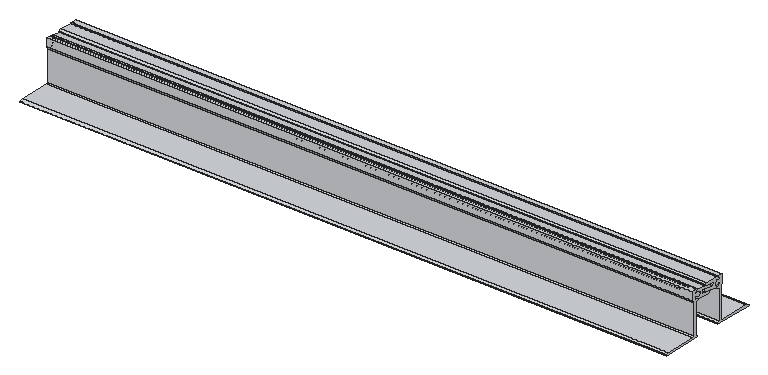
Revit family "NOVOJUNTA PRO METAL 50 2500 mm", category Generic Models, Revit 2015
Parameters (values of type "NJPM50AL80NA25")
  Product data url = "https://www.bimobject.com/emac/product/njpm50al"
  Product Material = Finish_Emac_Aluminum-Off-Natural-11
  Product Guid = "64f62603-b034-4222-a610-59a30b08d219"
  Model = "NOVOJUNTA PRO METAL 50"
  Manufacturer = "EMAC"
  built-in parameter 1001306 [instance] = 1200 mm
  Edition number = 1
  80mm = yes
  50mm = no
  35mm = no
  22mm = no
Types (5, lengths in mm): name | 80mm | 50mm | 35mm | 22mm
  (no name) | yes | no | no | no
  NJPM50AL22NA25 | no | no | no | yes
  NJPM50AL35NA25 | no | no | yes | no
  NJPM50AL50NA25 | no | yes | no | no
  NJPM50AL80NA25 | yes | no | no | no
Reference planes
  plane 1 "Center (Front/Back)": y = 0
  plane 2: z = 0
  plane 3 "Left": x = 0
  plane 4 "Right": x = 1200
Forms (mm)
  Sweep 1, solid, visible <- "35mm"
    path origin (0, 0, 0) x (1, 0, 0) y (0, 1, 0)
      loop
        line (0, 0) -> (1200, 0)
    profile origin (600, 0, 0) x (0, 1, 0) y (0, 0, 1)
      loop
        line (128, 3) -> (126, 5) -> (126, 15.5) -> (129.3, 20) -> (129.3, 35) -> (118.776, 35)
        arc (118.776, 35) -> (118.28, 34.565) -> (118.647, 34.017) r 0.5
        arc (118.647, 34.017) -> (122.594, 31.706) -> (124.8, 27.7) r 8.608
        line (124.8, 27.7) -> (119.3, 27.7)
        arc (119.3, 27.7) -> (112.928, 25.7) -> (119.3, 23.7) r 3.5
        line (119.3, 23.7) -> (124.8, 23.7)
        arc (124.8, 23.7) -> (122.138, 19.259) -> (117.409, 17.148) r 8.608
        arc (117.409, 17.148) -> (116.712, 16.619) -> (116.842, 15.753) r 0.858
        line (116.842, 15.753) -> (121.385, 14.364)
        arc (121.385, 14.364) -> (122.408, 13.641) -> (122.8, 12.452) r 2
        line (122.8, 12.452) -> (122.8, 3.8) -> (120, 2.1) -> (120, 0) -> (190, 0) -> (190, 0.841) -> (185.2, 3) -> (128, 3)
      loop
        line (62, 3) -> (4.8, 3) -> (0, 0.841) -> (0, 0) -> (70, 0) -> (70, 2.1) -> (67.2, 3.8) -> (67.2, 12.452)
        arc (67.2, 12.452) -> (67.592, 13.641) -> (68.615, 14.364) r 2
        line (68.615, 14.364) -> (73.158, 15.753)
        arc (73.158, 15.753) -> (73.288, 16.619) -> (72.591, 17.148) r 0.858
        arc (72.591, 17.148) -> (67.862, 19.259) -> (65.2, 23.7) r 8.608
        line (65.2, 23.7) -> (70.7, 23.7)
        arc (70.7, 23.7) -> (77.072, 25.7) -> (70.7, 27.7) r 3.5
        line (70.7, 27.7) -> (65.2, 27.7)
        arc (65.2, 27.7) -> (67.406, 31.706) -> (71.353, 34.017) r 8.608
        arc (71.353, 34.017) -> (71.72, 34.565) -> (71.224, 35) r 0.5
        line (71.224, 35) -> (60.7, 35) -> (60.7, 20) -> (64, 15.5) -> (64, 5) -> (62, 3)
      loop
        line (116.693, 34.104) -> (94.704, 34.798)
        arc (94.704, 34.798) -> (92.26, 34.248) -> (90.39, 32.58) r 5
        arc (90.39, 32.58) -> (90.348, 32.1) -> (90.731, 31.808) r 0.5
        line (90.731, 31.808) -> (109.044, 29.035) -> (108.22, 23.597) -> (90.72, 26.247)
        arc (90.72, 26.247) -> (90.348, 26.155) -> (90.151, 25.827) r 0.5
        line (90.151, 25.827) -> (89.537, 21.774)
        arc (89.537, 21.774) -> (89.629, 21.402) -> (89.956, 21.204) r 0.5
        line (89.956, 21.204) -> (115.169, 17.387)
        arc (115.169, 17.387) -> (119.975, 18.077) -> (123.599, 21.31) r 8.408
        line (123.599, 21.31) -> (118.749, 22.819)
        arc (118.749, 22.819) -> (112.728, 25.654) -> (118.676, 28.638) r 3.7
        line (118.676, 28.638) -> (123.486, 30.268)
        arc (123.486, 30.268) -> (120.561, 33.021) -> (116.693, 34.104) r 8.408
      loop
        arc (74.831, 34.013) -> (70.025, 33.323) -> (66.401, 30.09) r 8.408
        line (66.401, 30.09) -> (71.251, 28.581)
        arc (71.251, 28.581) -> (77.272, 25.746) -> (71.324, 22.762) r 3.7
        line (71.324, 22.762) -> (66.514, 21.132)
        arc (66.514, 21.132) -> (69.439, 18.379) -> (73.307, 17.296) r 8.408
        line (73.307, 17.296) -> (95.296, 16.602)
        arc (95.296, 16.602) -> (97.74, 17.152) -> (99.61, 18.82) r 5
        arc (99.61, 18.82) -> (99.652, 19.3) -> (99.269, 19.592) r 0.5
        line (99.269, 19.592) -> (80.956, 22.365) -> (81.78, 27.803) -> (99.28, 25.153)
        arc (99.28, 25.153) -> (99.652, 25.245) -> (99.849, 25.573) r 0.5
        line (99.849, 25.573) -> (100.463, 29.626)
        arc (100.463, 29.626) -> (100.371, 29.998) -> (100.044, 30.196) r 0.5
        line (100.044, 30.196) -> (74.831, 34.013)
  Sweep 2, solid, visible <- "50mm"
    path origin (0, 0, 0) x (1, 0, 0) y (0, 1, 0)
      loop
        line (0, 0) -> (1200, 0)
    profile origin (600, 0, 0) x (0, 1, 0) y (0, 0, 1)
      loop
        line (128, 3) -> (126, 5) -> (126, 30.5) -> (129.3, 35) -> (129.3, 50) -> (118.776, 50)
        arc (118.776, 50) -> (118.28, 49.565) -> (118.647, 49.017) r 0.5
        arc (118.647, 49.017) -> (122.594, 46.706) -> (124.8, 42.7) r 8.608
        line (124.8, 42.7) -> (119.3, 42.7)
        arc (119.3, 42.7) -> (112.928, 40.7) -> (119.3, 38.7) r 3.5
        line (119.3, 38.7) -> (124.8, 38.7)
        arc (124.8, 38.7) -> (122.138, 34.259) -> (117.409, 32.148) r 8.608
        arc (117.409, 32.148) -> (116.712, 31.619) -> (116.842, 30.753) r 0.858
        line (116.842, 30.753) -> (121.385, 29.364)
        arc (121.385, 29.364) -> (122.408, 28.641) -> (122.8, 27.452) r 2
        line (122.8, 27.452) -> (122.8, 3.8) -> (120, 2.1) -> (120, 0) -> (190, 0) -> (190, 0.841) -> (185.2, 3) -> (128, 3)
      loop
        line (62, 3) -> (4.8, 3) -> (0, 0.841) -> (0, 0) -> (70, 0) -> (70, 2.1) -> (67.2, 3.8) -> (67.2, 27.452)
        arc (67.2, 27.452) -> (67.592, 28.641) -> (68.615, 29.364) r 2
        line (68.615, 29.364) -> (73.158, 30.753)
        arc (73.158, 30.753) -> (73.288, 31.619) -> (72.591, 32.148) r 0.858
        arc (72.591, 32.148) -> (67.862, 34.259) -> (65.2, 38.7) r 8.608
        line (65.2, 38.7) -> (70.7, 38.7)
        arc (70.7, 38.7) -> (77.072, 40.7) -> (70.7, 42.7) r 3.5
        line (70.7, 42.7) -> (65.2, 42.7)
        arc (65.2, 42.7) -> (67.406, 46.706) -> (71.353, 49.017) r 8.608
        arc (71.353, 49.017) -> (71.72, 49.565) -> (71.224, 50) r 0.5
        line (71.224, 50) -> (60.7, 50) -> (60.7, 35) -> (64, 30.5) -> (64, 5) -> (62, 3)
      loop
        line (116.689, 49.082) -> (94.7, 49.777)
        arc (94.7, 49.777) -> (92.256, 49.226) -> (90.386, 47.559) r 5
        arc (90.386, 47.559) -> (90.344, 47.079) -> (90.727, 46.786) r 0.5
        line (90.727, 46.786) -> (109.04, 44.013) -> (108.216, 38.575) -> (90.716, 41.225)
        arc (90.716, 41.225) -> (90.344, 41.133) -> (90.147, 40.806) r 0.5
        line (90.147, 40.806) -> (89.533, 36.752)
        arc (89.533, 36.752) -> (89.625, 36.38) -> (89.952, 36.183) r 0.5
        line (89.952, 36.183) -> (115.165, 32.365)
        arc (115.165, 32.365) -> (119.972, 33.056) -> (123.595, 36.289) r 8.408
        line (123.595, 36.289) -> (118.745, 37.797)
        arc (118.745, 37.797) -> (112.724, 40.632) -> (118.672, 43.617) r 3.7
        line (118.672, 43.617) -> (123.482, 45.247)
        arc (123.482, 45.247) -> (120.558, 48) -> (116.689, 49.082) r 8.408
      loop
        arc (74.827, 48.991) -> (70.021, 48.301) -> (66.397, 45.068) r 8.408
        line (66.397, 45.068) -> (71.247, 43.559)
        arc (71.247, 43.559) -> (77.268, 40.725) -> (71.32, 37.74) r 3.7
        line (71.32, 37.74) -> (66.51, 36.11)
        arc (66.51, 36.11) -> (69.435, 33.357) -> (73.303, 32.275) r 8.408
        line (73.303, 32.275) -> (95.292, 31.58)
        arc (95.292, 31.58) -> (97.736, 32.131) -> (99.606, 33.798) r 5
        arc (99.606, 33.798) -> (99.648, 34.278) -> (99.265, 34.57) r 0.5
        line (99.265, 34.57) -> (80.952, 37.343) -> (81.776, 42.781) -> (99.276, 40.131)
        arc (99.276, 40.131) -> (99.648, 40.223) -> (99.845, 40.551) r 0.5
        line (99.845, 40.551) -> (100.459, 44.605)
        arc (100.459, 44.605) -> (100.367, 44.976) -> (100.04, 45.174) r 0.5
        line (100.04, 45.174) -> (74.827, 48.991)
  Sweep 3, solid, visible <- "80mm"
    path origin (0, 0, 0) x (1, 0, 0) y (0, 1, 0)
      loop
        line (0, 0) -> (1200, 0)
    profile origin (600, 0, 0) x (0, 1, 0) y (0, 0, 1)
      loop
        line (128, 3) -> (126, 5) -> (126, 60.5) -> (129.3, 65) -> (129.3, 80) -> (118.776, 80)
        arc (118.776, 80) -> (118.28, 79.565) -> (118.647, 79.017) r 0.5
        arc (118.647, 79.017) -> (122.594, 76.706) -> (124.8, 72.7) r 8.608
        line (124.8, 72.7) -> (119.3, 72.7)
        arc (119.3, 72.7) -> (112.928, 70.7) -> (119.3, 68.7) r 3.5
        line (119.3, 68.7) -> (124.8, 68.7)
        arc (124.8, 68.7) -> (122.138, 64.259) -> (117.409, 62.148) r 8.608
        arc (117.409, 62.148) -> (116.712, 61.619) -> (116.842, 60.753) r 0.858
        line (116.842, 60.753) -> (121.385, 59.364)
        arc (121.385, 59.364) -> (122.408, 58.641) -> (122.8, 57.452) r 2
        line (122.8, 57.452) -> (122.8, 3.8) -> (120, 2.1) -> (120, 0) -> (190, 0) -> (190, 0.841) -> (185.2, 3) -> (128, 3)
      loop
        line (62, 3) -> (4.8, 3) -> (0, 0.841) -> (0, 0) -> (70, 0) -> (70, 2.1) -> (67.2, 3.8) -> (67.2, 57.452)
        arc (67.2, 57.452) -> (67.592, 58.641) -> (68.615, 59.364) r 2
        line (68.615, 59.364) -> (73.158, 60.753)
        arc (73.158, 60.753) -> (73.288, 61.619) -> (72.591, 62.148) r 0.858
        arc (72.591, 62.148) -> (67.862, 64.259) -> (65.2, 68.7) r 8.608
        line (65.2, 68.7) -> (70.7, 68.7)
        arc (70.7, 68.7) -> (77.072, 70.7) -> (70.7, 72.7) r 3.5
        line (70.7, 72.7) -> (65.2, 72.7)
        arc (65.2, 72.7) -> (67.406, 76.706) -> (71.353, 79.017) r 8.608
        arc (71.353, 79.017) -> (71.72, 79.565) -> (71.224, 80) r 0.5
        line (71.224, 80) -> (60.7, 80) -> (60.7, 65) -> (64, 60.5) -> (64, 5) -> (62, 3)
      loop
        line (116.689, 79.111) -> (94.7, 79.806)
        arc (94.7, 79.806) -> (92.256, 79.255) -> (90.386, 77.588) r 5
        arc (90.386, 77.588) -> (90.344, 77.108) -> (90.727, 76.816) r 0.5
        line (90.727, 76.816) -> (109.04, 74.043) -> (108.216, 68.605) -> (90.716, 71.254)
        arc (90.716, 71.254) -> (90.344, 71.163) -> (90.147, 70.835) r 0.5
        line (90.147, 70.835) -> (89.533, 66.781)
        arc (89.533, 66.781) -> (89.625, 66.41) -> (89.952, 66.212) r 0.5
        line (89.952, 66.212) -> (115.165, 62.394)
        arc (115.165, 62.394) -> (119.972, 63.085) -> (123.595, 66.318) r 8.408
        line (123.595, 66.318) -> (118.745, 67.826)
        arc (118.745, 67.826) -> (112.724, 70.661) -> (118.672, 73.646) r 3.7
        line (118.672, 73.646) -> (123.482, 75.276)
        arc (123.482, 75.276) -> (120.558, 78.029) -> (116.689, 79.111) r 8.408
      loop
        arc (74.827, 79.021) -> (70.021, 78.33) -> (66.397, 75.097) r 8.408
        line (66.397, 75.097) -> (71.247, 73.589)
        arc (71.247, 73.589) -> (77.268, 70.754) -> (71.32, 67.769) r 3.7
        line (71.32, 67.769) -> (66.51, 66.139)
        arc (66.51, 66.139) -> (69.435, 63.386) -> (73.303, 62.304) r 8.408
        line (73.303, 62.304) -> (95.292, 61.609)
        arc (95.292, 61.609) -> (97.736, 62.16) -> (99.606, 63.827) r 5
        arc (99.606, 63.827) -> (99.648, 64.307) -> (99.265, 64.6) r 0.5
        line (99.265, 64.6) -> (80.952, 67.372) -> (81.776, 72.81) -> (99.276, 70.161)
        arc (99.276, 70.161) -> (99.648, 70.253) -> (99.845, 70.58) r 0.5
        line (99.845, 70.58) -> (100.459, 74.634)
        arc (100.459, 74.634) -> (100.367, 75.005) -> (100.04, 75.203) r 0.5
        line (100.04, 75.203) -> (74.827, 79.021)
  Sweep 4, solid, visible <- "22mm"
    path origin (0, 0, 0) x (1, 0, 0) y (0, 1, 0)
      loop
        line (0, 0) -> (1200, 0)
    profile origin (600, 0, 0) x (0, 1, 0) y (0, 0, 1)
      loop
        line (129.3, 3) -> (129.3, 22) -> (118.776, 22)
        arc (118.776, 22) -> (118.28, 21.565) -> (118.647, 21.017) r 0.5
        arc (118.647, 21.017) -> (122.594, 18.706) -> (124.8, 14.7) r 8.608
        line (124.8, 14.7) -> (119.3, 14.7)
        arc (119.3, 14.7) -> (112.928, 12.7) -> (119.3, 10.7) r 3.5
        line (119.3, 10.7) -> (124.8, 10.7)
        arc (124.8, 10.7) -> (123.074, 7.23) -> (120, 4.868) r 8.608
        line (120, 4.868) -> (120, 0) -> (190, 0) -> (190, 0.841) -> (185.2, 3) -> (129.3, 3)
      loop
        line (60.7, 3) -> (4.8, 3) -> (0, 0.841) -> (0, 0) -> (70, 0) -> (70, 4.868)
        arc (70, 4.868) -> (66.926, 7.23) -> (65.2, 10.7) r 8.608
        line (65.2, 10.7) -> (70.7, 10.7)
        arc (70.7, 10.7) -> (77.072, 12.7) -> (70.7, 14.7) r 3.5
        line (70.7, 14.7) -> (65.2, 14.7)
        arc (65.2, 14.7) -> (67.406, 18.706) -> (71.353, 21.017) r 8.608
        arc (71.353, 21.017) -> (71.72, 21.565) -> (71.224, 22) r 0.5
        line (71.224, 22) -> (60.7, 22) -> (60.7, 3)
      loop
        line (116.693, 21.099) -> (94.704, 21.793)
        arc (94.704, 21.793) -> (92.26, 21.243) -> (90.39, 19.575) r 5
        arc (90.39, 19.575) -> (90.348, 19.095) -> (90.731, 18.803) r 0.5
        line (90.731, 18.803) -> (109.044, 16.03) -> (108.22, 10.592) -> (90.72, 13.242)
        arc (90.72, 13.242) -> (90.348, 13.15) -> (90.151, 12.822) r 0.5
        line (90.151, 12.822) -> (89.537, 8.769)
        arc (89.537, 8.769) -> (89.629, 8.397) -> (89.956, 8.199) r 0.5
        line (89.956, 8.199) -> (115.169, 4.382)
        arc (115.169, 4.382) -> (119.976, 5.072) -> (123.599, 8.305) r 8.408
        line (123.599, 8.305) -> (118.749, 9.814)
        arc (118.749, 9.814) -> (112.728, 12.648) -> (118.676, 15.633) r 3.7
        line (118.676, 15.633) -> (123.486, 17.263)
        arc (123.486, 17.263) -> (120.562, 20.016) -> (116.693, 21.099) r 8.408
      loop
        arc (74.831, 21.008) -> (70.025, 20.318) -> (66.401, 17.085) r 8.408
        line (66.401, 17.085) -> (71.251, 15.576)
        arc (71.251, 15.576) -> (77.272, 12.741) -> (71.324, 9.756) r 3.7
        line (71.324, 9.756) -> (66.514, 8.127)
        arc (66.514, 8.127) -> (69.439, 5.373) -> (73.307, 4.291) r 8.408
        line (73.307, 4.291) -> (95.296, 3.596)
        arc (95.296, 3.596) -> (97.74, 4.147) -> (99.61, 5.815) r 5
        arc (99.61, 5.815) -> (99.652, 6.294) -> (99.269, 6.587) r 0.5
        line (99.269, 6.587) -> (80.956, 9.36) -> (81.78, 14.798) -> (99.28, 12.148)
        arc (99.28, 12.148) -> (99.652, 12.24) -> (99.849, 12.567) r 0.5
        line (99.849, 12.567) -> (100.463, 16.621)
        arc (100.463, 16.621) -> (100.371, 16.993) -> (100.044, 17.19) r 0.5
        line (100.044, 17.19) -> (74.831, 21.008)
Lines and regions (mm)
  reference lines
    curve 1: line (0, 0, 0) -> (1200, 0, 0)
Dimensions and locks
  "built-in parameter 1001306": plane 3 "Left" to plane 4 "Right"
  aligned and locked: plane 4 "Right" to curve 1
  aligned and locked: plane 1 "Center (Front/Back)" to curve 1
  aligned and locked: plane 3 "Left" to curve 1
  aligned and locked: level to plane 2
  aligned and locked: plane 3 "Left" to Sweep 1 sketch curve
  aligned and locked: Sweep 1 sketch curve to curve 1
  aligned and locked: plane 4 "Right" to Sweep 1 sketch curve
  aligned and locked: plane 3 "Left" to Sweep 2 sketch curve
  aligned and locked: Sweep 2 sketch curve to curve 1
  aligned and locked: plane 4 "Right" to Sweep 2 sketch curve
  aligned and locked: plane 3 "Left" to Sweep 3 sketch curve
  aligned and locked: Sweep 3 sketch curve to curve 1
  aligned and locked: plane 4 "Right" to Sweep 3 sketch curve
  aligned and locked: plane 3 "Left" to Sweep 4 sketch curve
  aligned and locked: plane 4 "Right" to Sweep 4 sketch curve
  aligned and locked: Sweep 4 sketch curve to curve 1
Automatic sketch dimensions
  Sweep 1 sketch curve to Sweep 1 sketch curve = 0 mm  (x23)
  Sweep 1 sketch curve to level = 0 mm  (x2)
  Sweep 1 sketch curve to profile plane = 0 mm
  level to Sweep 1 sketch curve = 3 mm  (x2)
  Sweep 1 sketch curve to Sweep 1 sketch curve = 4.8 mm  (x2)
  level to Sweep 1 sketch curve = 35 mm
  Sweep 1 sketch curve to profile plane = 60.7 mm
  Sweep 1 sketch curve to Sweep 1 sketch curve = 1.3 mm
  Sweep 1 sketch curve to Sweep 1 sketch curve = 2 mm  (x7)
  Sweep 1 sketch curve to Sweep 1 sketch curve = 4.5 mm  (x3)
  Sweep 1 sketch curve to Sweep 1 sketch curve = 3.2 mm  (x2)
  level to Sweep 1 sketch curve = 14.364 mm  (x2)
  Sweep 1 sketch curve to Sweep 1 sketch curve = 1.415 mm
  Sweep 1 sketch curve to Sweep 1 sketch curve = 2.8 mm  (x2)
  Sweep 1 sketch curve to Sweep 1 sketch curve = 5.5 mm  (x2)
  Sweep 1 sketch curve to Sweep 1 sketch curve = 0.524 mm
  Sweep 1 sketch curve to Sweep 1 sketch curve = 3.878 mm
  level to Sweep 1 sketch curve = 15.753 mm  (x2)
  Sweep 1 sketch curve to Sweep 1 sketch curve = 0.665 mm  (x2)
  Sweep 1 sketch curve to Sweep 1 sketch curve = 2.872 mm  (x3)
  Sweep 1 sketch curve to Sweep 1 sketch curve = 0.414 mm
  Sweep 1 sketch curve to Sweep 1 sketch curve = 2.348 mm
  Sweep 1 sketch curve to Sweep 1 sketch curve = 3.158 mm
  Sweep 1 sketch curve to Sweep 1 sketch curve = 3.293 mm
  Sweep 1 sketch curve to Sweep 1 sketch curve = 0.585 mm
  level to Sweep 1 sketch curve = 3.8 mm
  level to Sweep 1 sketch curve = 15.5 mm
  Sweep 1 sketch curve to Sweep 1 sketch curve = 3.3 mm
  Sweep 1 sketch curve to Sweep 1 sketch curve = 57.2 mm
  level to Sweep 1 sketch curve = 0.841 mm  (x2)
  level to Sweep 1 sketch curve = 2.1 mm  (x2)
  Sweep 1 sketch curve to Sweep 1 sketch curve = 1.7 mm
  Sweep 1 sketch curve to Sweep 1 sketch curve = 3.048 mm
  Sweep 1 sketch curve to Sweep 1 sketch curve = 0.542 mm  (x2)
  Sweep 1 sketch curve to Sweep 1 sketch curve = 3.7 mm  (x2)
  Sweep 1 sketch curve to Sweep 1 sketch curve = 0.5 mm
  Sweep 1 sketch curve to Sweep 1 sketch curve = 6.8 mm
  Sweep 1 sketch curve to Sweep 1 sketch curve = 7.3 mm
  level to Sweep 1 sketch curve = 30.268 mm
  Sweep 1 sketch curve to Sweep 1 sketch curve = 1.314 mm  (x2)
  Sweep 1 sketch curve to Sweep 1 sketch curve = 1.954 mm
  level to Sweep 1 sketch curve = 28.638 mm
  Sweep 1 sketch curve to Sweep 1 sketch curve = 0.624 mm  (x2)
  Sweep 1 sketch curve to Sweep 1 sketch curve = 0.551 mm  (x2)
  level to Sweep 1 sketch curve = 21.31 mm
  Sweep 1 sketch curve to Sweep 1 sketch curve = 1.201 mm  (x2)
  Sweep 1 sketch curve to Sweep 1 sketch curve = 2.24 mm
  level to Sweep 1 sketch curve = 21.204 mm
  Sweep 1 sketch curve to Sweep 1 sketch curve = 16.384 mm
  level to Sweep 1 sketch curve = 34.798 mm
  Sweep 1 sketch curve to Sweep 1 sketch curve = 4.748 mm
  level to Sweep 1 sketch curve = 29.035 mm
  Sweep 1 sketch curve to Sweep 1 sketch curve = 7.384 mm
  level to Sweep 1 sketch curve = 31.808 mm
  Sweep 1 sketch curve to Sweep 1 sketch curve = 3.974 mm
  level to Sweep 1 sketch curve = 23.597 mm
  Sweep 1 sketch curve to Sweep 1 sketch curve = 3.826 mm  (x2)
  Sweep 1 sketch curve to Sweep 1 sketch curve = 3.554 mm  (x2)
  Sweep 1 sketch curve to Sweep 1 sketch curve = 0.341 mm
  Sweep 1 sketch curve to Sweep 1 sketch curve = 0.416 mm
  level to Sweep 1 sketch curve = 21.774 mm
  Sweep 1 sketch curve to Sweep 1 sketch curve = 0.42 mm  (x2)
  Sweep 1 sketch curve to Sweep 1 sketch curve = 0.075 mm  (x7)
  level to Sweep 1 sketch curve = 25.827 mm
  Sweep 1 sketch curve to Sweep 1 sketch curve = 0.494 mm  (x3)
  Sweep 1 sketch curve to Sweep 1 sketch curve = 4.809 mm
  level to Sweep 1 sketch curve = 34.013 mm
  Sweep 1 sketch curve to Sweep 1 sketch curve = 3.478 mm
  level to Sweep 1 sketch curve = 30.196 mm
  Sweep 1 sketch curve to Sweep 1 sketch curve = 0.689 mm
  level to Sweep 1 sketch curve = 29.626 mm
  level to Sweep 1 sketch curve = 27.803 mm
  Sweep 1 sketch curve to Sweep 1 sketch curve = 8.207 mm
  level to Sweep 1 sketch curve = 22.365 mm
  Sweep 1 sketch curve to Sweep 1 sketch curve = 0.823 mm
  level to Sweep 1 sketch curve = 25.153 mm
  level to Sweep 1 sketch curve = 19.592 mm
  Sweep 1 sketch curve to Sweep 1 sketch curve = 3.899 mm
  level to Sweep 1 sketch curve = 17.296 mm
  Sweep 1 sketch curve to Sweep 1 sketch curve = 0.716 mm
  level to Sweep 1 sketch curve = 22.762 mm
  level to Sweep 1 sketch curve = 21.132 mm
  Sweep 4 sketch curve to Sweep 4 sketch curve = 0 mm  (x27)
  Sweep 4 sketch curve to profile plane = 0 mm
  Sweep 4 sketch curve to level = 0 mm  (x2)
  Sweep 4 sketch curve to profile plane = 4.8 mm
  level to Sweep 4 sketch curve = 22 mm
  Sweep 4 sketch curve to Sweep 4 sketch curve = 55.9 mm  (x2)
  level to Sweep 4 sketch curve = 17.085 mm
  Sweep 4 sketch curve to Sweep 4 sketch curve = 5.701 mm
  Sweep 4 sketch curve to Sweep 4 sketch curve = 0.112 mm
  Sweep 4 sketch curve to Sweep 4 sketch curve = 4.5 mm  (x2)
  level to Sweep 4 sketch curve = 15.576 mm
  Sweep 4 sketch curve to Sweep 4 sketch curve = 4.849 mm
  Sweep 4 sketch curve to Sweep 4 sketch curve = 4.81 mm
  Sweep 4 sketch curve to Sweep 4 sketch curve = 9.3 mm
  Sweep 4 sketch curve to Sweep 4 sketch curve = 5.5 mm  (x2)
  Sweep 4 sketch curve to Sweep 4 sketch curve = 0.524 mm
  level to Sweep 4 sketch curve = 4.291 mm
  Sweep 4 sketch curve to Sweep 4 sketch curve = 1.983 mm
  Sweep 4 sketch curve to Sweep 4 sketch curve = 2.248 mm  (x2)
  level to Sweep 4 sketch curve = 21.008 mm
  Sweep 4 sketch curve to Sweep 4 sketch curve = 3.58 mm
  Sweep 4 sketch curve to Sweep 4 sketch curve = 2.872 mm  (x3)
  level to Sweep 4 sketch curve = 9.36 mm
  Sweep 4 sketch curve to Sweep 4 sketch curve = 7.384 mm  (x2)
  level to Sweep 4 sketch curve = 14.798 mm
  Sweep 4 sketch curve to Sweep 4 sketch curve = 0.823 mm
  level to Sweep 4 sketch curve = 8.769 mm
  Sweep 4 sketch curve to Sweep 4 sketch curve = 8.581 mm
  level to Sweep 4 sketch curve = 8.199 mm
  Sweep 4 sketch curve to Sweep 4 sketch curve = 0.42 mm
  Sweep 4 sketch curve to Sweep 4 sketch curve = 0.075 mm  (x5)
  level to Sweep 4 sketch curve = 12.822 mm
  Sweep 4 sketch curve to Sweep 4 sketch curve = 0.614 mm  (x2)
  Sweep 4 sketch curve to Sweep 4 sketch curve = 0.494 mm  (x5)
  level to Sweep 4 sketch curve = 13.242 mm
  level to Sweep 4 sketch curve = 18.803 mm
  Sweep 4 sketch curve to Sweep 4 sketch curve = 0.011 mm
  Sweep 4 sketch curve to Sweep 4 sketch curve = 3.816 mm
  level to Sweep 4 sketch curve = 21.793 mm
  Sweep 4 sketch curve to Sweep 4 sketch curve = 3.899 mm
  level to Sweep 4 sketch curve = 3.596 mm
  Sweep 4 sketch curve to Sweep 4 sketch curve = 5.339 mm
  Sweep 4 sketch curve to Sweep 4 sketch curve = 0.158 mm
  Sweep 4 sketch curve to Sweep 4 sketch curve = 3.741 mm
  level to Sweep 4 sketch curve = 6.587 mm
  level to Sweep 4 sketch curve = 12.148 mm
  level to Sweep 4 sketch curve = 12.567 mm
  level to Sweep 4 sketch curve = 17.19 mm
  level to Sweep 4 sketch curve = 16.621 mm
  level to Sweep 4 sketch curve = 10.592 mm
  Sweep 4 sketch curve to Sweep 4 sketch curve = 8.371 mm
  level to Sweep 4 sketch curve = 4.382 mm
  Sweep 4 sketch curve to Sweep 4 sketch curve = 6.949 mm
  level to Sweep 4 sketch curve = 21.099 mm
  Sweep 4 sketch curve to Sweep 4 sketch curve = 0.266 mm  (x2)
  level to Sweep 4 sketch curve = 12.7 mm
  level to Sweep 4 sketch curve = 15.633 mm
  level to Sweep 4 sketch curve = 9.814 mm
  Sweep 4 sketch curve to Sweep 4 sketch curve = 2.321 mm
  Sweep 4 sketch curve to Sweep 4 sketch curve = 2.348 mm
  Sweep 4 sketch curve to Sweep 4 sketch curve = 0.7 mm
  level to Sweep 4 sketch curve = 17.263 mm
  level to Sweep 4 sketch curve = 8.305 mm
  level to Sweep 4 sketch curve = 3 mm  (x2)
  Sweep 4 sketch curve to Sweep 4 sketch curve = 4.8 mm
  Sweep 4 sketch curve to Sweep 4 sketch curve = 2.007 mm  (x2)
  level to Sweep 4 sketch curve = 0.841 mm  (x2)
  level to Sweep 4 sketch curve = 4.868 mm  (x2)
  Sweep 4 sketch curve to Sweep 4 sketch curve = 5.832 mm
  Sweep 4 sketch curve to Sweep 4 sketch curve = 6.8 mm
  Sweep 4 sketch curve to Sweep 4 sketch curve = 0.5 mm
  Sweep 4 sketch curve to Sweep 4 sketch curve = 7.3 mm
  Sweep 2 sketch curve to Sweep 2 sketch curve = 0 mm  (x25)
  Sweep 2 sketch curve to profile plane = 0 mm
  Sweep 2 sketch curve to level = 0 mm  (x2)
  Sweep 2 sketch curve to profile plane = 4.8 mm
  Sweep 2 sketch curve to profile plane = 60.7 mm
  level to Sweep 2 sketch curve = 3 mm  (x2)
  Sweep 2 sketch curve to Sweep 2 sketch curve = 1.3 mm
  level to Sweep 2 sketch curve = 5 mm  (x2)
  Sweep 2 sketch curve to Sweep 2 sketch curve = 2 mm  (x5)
  Sweep 2 sketch curve to Sweep 2 sketch curve = 4.5 mm  (x3)
  level to Sweep 2 sketch curve = 45.068 mm
  Sweep 2 sketch curve to Sweep 2 sketch curve = 4.397 mm
  Sweep 2 sketch curve to Sweep 2 sketch curve = 0.112 mm
  Sweep 2 sketch curve to Sweep 2 sketch curve = 3.2 mm  (x2)
  Sweep 2 sketch curve to Sweep 2 sketch curve = 1.415 mm
  level to Sweep 2 sketch curve = 2.1 mm  (x2)
  Sweep 2 sketch curve to Sweep 2 sketch curve = 2.8 mm  (x2)
  Sweep 2 sketch curve to Sweep 2 sketch curve = 0.524 mm
  Sweep 2 sketch curve to Sweep 2 sketch curve = 4.849 mm
  Sweep 2 sketch curve to Sweep 2 sketch curve = 4.81 mm
  Sweep 2 sketch curve to Sweep 2 sketch curve = 3.878 mm
  level to Sweep 2 sketch curve = 30.753 mm  (x2)
  Sweep 2 sketch curve to Sweep 2 sketch curve = 0.665 mm  (x2)
  level to Sweep 2 sketch curve = 32.275 mm
  Sweep 2 sketch curve to Sweep 2 sketch curve = 1.983 mm
  Sweep 2 sketch curve to Sweep 2 sketch curve = 2.248 mm  (x2)
  Sweep 2 sketch curve to Sweep 2 sketch curve = 2.872 mm  (x3)
  level to Sweep 2 sketch curve = 48.991 mm
  Sweep 2 sketch curve to Sweep 2 sketch curve = 3.58 mm
  level to Sweep 2 sketch curve = 37.343 mm
  Sweep 2 sketch curve to Sweep 2 sketch curve = 7.384 mm  (x2)
  level to Sweep 2 sketch curve = 42.781 mm
  Sweep 2 sketch curve to Sweep 2 sketch curve = 0.823 mm
  level to Sweep 2 sketch curve = 36.752 mm
  Sweep 2 sketch curve to Sweep 2 sketch curve = 8.581 mm
  level to Sweep 2 sketch curve = 36.183 mm
  Sweep 2 sketch curve to Sweep 2 sketch curve = 0.42 mm
  Sweep 2 sketch curve to Sweep 2 sketch curve = 0.075 mm  (x5)
  level to Sweep 2 sketch curve = 40.806 mm
  Sweep 2 sketch curve to Sweep 2 sketch curve = 0.614 mm  (x2)
  Sweep 2 sketch curve to Sweep 2 sketch curve = 0.494 mm  (x5)
  level to Sweep 2 sketch curve = 41.225 mm
  level to Sweep 2 sketch curve = 46.786 mm
  Sweep 2 sketch curve to Sweep 2 sketch curve = 0.011 mm
  Sweep 2 sketch curve to Sweep 2 sketch curve = 3.816 mm
  level to Sweep 2 sketch curve = 49.777 mm
  Sweep 2 sketch curve to Sweep 2 sketch curve = 3.899 mm
  level to Sweep 2 sketch curve = 31.58 mm
  Sweep 2 sketch curve to Sweep 2 sketch curve = 5.339 mm
  Sweep 2 sketch curve to Sweep 2 sketch curve = 0.158 mm
  Sweep 2 sketch curve to Sweep 2 sketch curve = 3.741 mm
  level to Sweep 2 sketch curve = 34.57 mm
  level to Sweep 2 sketch curve = 40.131 mm
  level to Sweep 2 sketch curve = 40.551 mm
  level to Sweep 2 sketch curve = 45.174 mm
  level to Sweep 2 sketch curve = 44.605 mm
  level to Sweep 2 sketch curve = 38.575 mm
  Sweep 2 sketch curve to Sweep 2 sketch curve = 8.371 mm
  level to Sweep 2 sketch curve = 32.365 mm
  Sweep 2 sketch curve to Sweep 2 sketch curve = 6.949 mm
  Sweep 2 sketch curve to Sweep 2 sketch curve = 42.855 mm
  level to Sweep 2 sketch curve = 49.082 mm
  Sweep 2 sketch curve to Sweep 2 sketch curve = 0.266 mm
  Sweep 2 sketch curve to Sweep 2 sketch curve = 0.414 mm
  level to Sweep 2 sketch curve = 43.617 mm
  level to Sweep 2 sketch curve = 37.797 mm
  Sweep 2 sketch curve to Sweep 2 sketch curve = 2.321 mm
  Sweep 2 sketch curve to Sweep 2 sketch curve = 2.348 mm
  Sweep 2 sketch curve to Sweep 2 sketch curve = 3.311 mm
  Sweep 2 sketch curve to Sweep 2 sketch curve = 3.293 mm
  level to Sweep 2 sketch curve = 29.364 mm
  Sweep 2 sketch curve to Sweep 2 sketch curve = 0.585 mm
  level to Sweep 2 sketch curve = 45.247 mm
  level to Sweep 2 sketch curve = 36.289 mm
  Sweep 2 sketch curve to Sweep 2 sketch curve = 5.5 mm
  Sweep 2 sketch curve to Sweep 2 sketch curve = 3.3 mm
  Sweep 2 sketch curve to Sweep 2 sketch curve = 57.2 mm
  Sweep 2 sketch curve to Sweep 2 sketch curve = 4.8 mm
  Sweep 2 sketch curve to Sweep 2 sketch curve = 2.007 mm  (x2)
  level to Sweep 2 sketch curve = 0.841 mm  (x2)
  Sweep 2 sketch curve to Sweep 2 sketch curve = 1.7 mm  (x2)
  Sweep 2 sketch curve to Sweep 2 sketch curve = 3.302 mm
  Sweep 2 sketch curve to Sweep 2 sketch curve = 3.048 mm  (x2)
  Sweep 2 sketch curve to Sweep 2 sketch curve = 0.542 mm  (x2)
  Sweep 2 sketch curve to Sweep 2 sketch curve = 3.7 mm
  Sweep 2 sketch curve to Sweep 2 sketch curve = 7.404 mm
  Sweep 2 sketch curve to Sweep 2 sketch curve = 6.8 mm  (x2)
  Sweep 2 sketch curve to Sweep 2 sketch curve = 7.3 mm
  Sweep 2 sketch curve to Sweep 2 sketch curve = 0.5 mm
  Sweep 2 sketch curve to Sweep 2 sketch curve = 0.62 mm
  Sweep 2 sketch curve to Sweep 2 sketch curve = 0.96 mm
  Sweep 3 sketch curve to Sweep 3 sketch curve = 0 mm  (x26)
  Sweep 3 sketch curve to profile plane = 0 mm
  Sweep 3 sketch curve to level = 0 mm  (x2)
  Sweep 3 sketch curve to profile plane = 4.8 mm
  Sweep 3 sketch curve to profile plane = 60.7 mm
  level to Sweep 3 sketch curve = 3 mm  (x2)
  Sweep 3 sketch curve to Sweep 3 sketch curve = 57.2 mm  (x2)
  level to Sweep 3 sketch curve = 5 mm
  Sweep 3 sketch curve to Sweep 3 sketch curve = 2 mm  (x6)
  Sweep 3 sketch curve to Sweep 3 sketch curve = 4.5 mm  (x3)
  Sweep 3 sketch curve to Sweep 3 sketch curve = 3.2 mm  (x2)
  Sweep 3 sketch curve to Sweep 3 sketch curve = 1.415 mm
  Sweep 3 sketch curve to Sweep 3 sketch curve = 5.697 mm
  Sweep 3 sketch curve to Sweep 3 sketch curve = 0.112 mm
  level to Sweep 3 sketch curve = 2.1 mm  (x2)
  Sweep 3 sketch curve to Sweep 3 sketch curve = 2.8 mm  (x2)
  Sweep 3 sketch curve to Sweep 3 sketch curve = 0.524 mm
  Sweep 3 sketch curve to Sweep 3 sketch curve = 3.878 mm
  Sweep 3 sketch curve to Sweep 3 sketch curve = 0.665 mm  (x2)
  Sweep 3 sketch curve to Sweep 3 sketch curve = 2.872 mm  (x3)
  Sweep 3 sketch curve to Sweep 3 sketch curve = 4.849 mm  (x2)
  Sweep 3 sketch curve to Sweep 3 sketch curve = 4.81 mm  (x2)
  Sweep 3 sketch curve to Sweep 3 sketch curve = 1.983 mm
  Sweep 3 sketch curve to Sweep 3 sketch curve = 2.248 mm  (x2)
  Sweep 3 sketch curve to Sweep 3 sketch curve = 3.58 mm
  Sweep 3 sketch curve to Sweep 3 sketch curve = 7.384 mm  (x2)
  Sweep 3 sketch curve to Sweep 3 sketch curve = 0.823 mm  (x2)
  Sweep 3 sketch curve to Sweep 3 sketch curve = 8.581 mm
  Sweep 3 sketch curve to Sweep 3 sketch curve = 0.42 mm  (x2)
  Sweep 3 sketch curve to Sweep 3 sketch curve = 0.075 mm  (x8)
  Sweep 3 sketch curve to Sweep 3 sketch curve = 0.614 mm  (x2)
  Sweep 3 sketch curve to Sweep 3 sketch curve = 0.494 mm  (x6)
  Sweep 3 sketch curve to Sweep 3 sketch curve = 0.011 mm
  Sweep 3 sketch curve to Sweep 3 sketch curve = 3.816 mm
  Sweep 3 sketch curve to Sweep 3 sketch curve = 3.899 mm
  Sweep 3 sketch curve to Sweep 3 sketch curve = 5.339 mm
  Sweep 3 sketch curve to Sweep 3 sketch curve = 0.158 mm
  Sweep 3 sketch curve to Sweep 3 sketch curve = 3.741 mm
  Sweep 3 sketch curve to Sweep 3 sketch curve = 3.826 mm
  Sweep 3 sketch curve to Sweep 3 sketch curve = 8.371 mm
  Sweep 3 sketch curve to Sweep 3 sketch curve = 21.136 mm
  Sweep 3 sketch curve to Sweep 3 sketch curve = 0.414 mm
  Sweep 3 sketch curve to Sweep 3 sketch curve = 6.949 mm
  Sweep 3 sketch curve to Sweep 3 sketch curve = 2.348 mm
  Sweep 3 sketch curve to Sweep 3 sketch curve = 0.266 mm
  Sweep 3 sketch curve to Sweep 3 sketch curve = 50 mm
  Sweep 3 sketch curve to Sweep 3 sketch curve = 3.293 mm
  Sweep 3 sketch curve to Sweep 3 sketch curve = 2.321 mm
  level to Sweep 3 sketch curve = 59.364 mm
  Sweep 3 sketch curve to Sweep 3 sketch curve = 0.585 mm
  Sweep 3 sketch curve to Sweep 3 sketch curve = 5.5 mm
  Sweep 3 sketch curve to Sweep 3 sketch curve = 3.3 mm
  level to Sweep 3 sketch curve = 0.841 mm  (x2)
  Sweep 3 sketch curve to Sweep 3 sketch curve = 4.8 mm
  Sweep 3 sketch curve to Sweep 3 sketch curve = 1.7 mm  (x2)
  Sweep 3 sketch curve to Sweep 3 sketch curve = 3.048 mm  (x2)
  Sweep 3 sketch curve to Sweep 3 sketch curve = 1.389 mm  (x2)
  Sweep 3 sketch curve to Sweep 3 sketch curve = 0.542 mm  (x2)
  Sweep 3 sketch curve to Sweep 3 sketch curve = 3.7 mm  (x2)
  Sweep 3 sketch curve to Sweep 3 sketch curve = 6.8 mm  (x2)
  Sweep 3 sketch curve to Sweep 3 sketch curve = 7.3 mm  (x2)
  Sweep 3 sketch curve to Sweep 3 sketch curve = 18.391 mm
  Sweep 3 sketch curve to Sweep 3 sketch curve = 17.606 mm
  Sweep 3 sketch curve to Sweep 3 sketch curve = 2.496 mm  (x2)
  Sweep 3 sketch curve to Sweep 3 sketch curve = 3.835 mm
  Sweep 3 sketch curve to Sweep 3 sketch curve = 4.603 mm
  Sweep 3 sketch curve to Sweep 3 sketch curve = 3.923 mm
  Sweep 3 sketch curve to Sweep 3 sketch curve = 2.007 mm  (x2)
  Sweep 3 sketch curve to Sweep 3 sketch curve = 3.335 mm
  Sweep 3 sketch curve to Sweep 3 sketch curve = 2.938 mm
  Sweep 3 sketch curve to Sweep 3 sketch curve = 2.881 mm
  Sweep 3 sketch curve to Sweep 3 sketch curve = 2.103 mm
  Sweep 3 sketch curve to Sweep 3 sketch curve = 4.054 mm  (x2)
  Sweep 3 sketch curve to Sweep 3 sketch curve = 1.509 mm
  Sweep 3 sketch curve to Sweep 3 sketch curve = 1.63 mm
  Sweep 3 sketch curve to Sweep 3 sketch curve = 0.62 mm
  Sweep 3 sketch curve to Sweep 3 sketch curve = 1.008 mm
